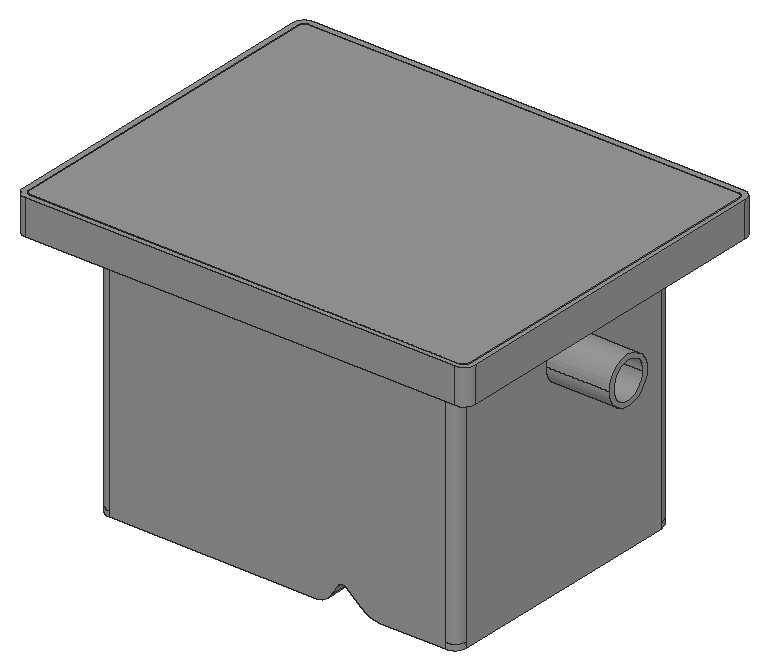
Revit family "Lil_FUR", category Plumbing Fixtures, Revit 2019
Family settings
  Round Connector Dimension = Use Diameter
  Part Type = Normal
  Work Plane-Based = No
  Always vertical = Yes
  Cut with Voids When Loaded = No
  Shared = No
  Room Calculation Point = No
Parameters (values of type "Lil-7-L")
  top 2 = 2"
  URL = "www.mifab.com"
  TOP1 = 1 1/2"
  TOP THK = 1 1/2"
  Pressure Drop = 0.00 psi
  Model = "MI-G-1-PL-PSB-FSCR"
  Mechanical Flow = 7 GPM
  Material = Polyethylene, High Density
  Manufacturer = "MIFAB"
  FULL DIM = 6"
  F2 = F / 2 - 51/256"  # 205/256"
  F/2 = F / 2  # 1"
  F = 2"
  E = 12 1/2"
  Description = "7GPM Lil Max Lint Interceptor"
  D = 9"
  C = 3 1/2"
  BOTTOM 1 = 9"
  B = 15 1/2"
  A+1 = (A + 1") / 1.95  # 10.51282"
  A = 19 1/2"
Types (8): name | top 2 | Model | Mechanical Flow | F2 | F/2 | F | E | Description | D | C | B | A+1 | A
  (no name) | 2" | "MI-G-1-PL-PSB-FSCR" | 7 GPM | 205/256" | 1" | 2" | 12 1/2" | "7GPM Lil Max Lint Interceptor" | 9" | 3 1/2" | 15 1/2" | 10.51282" | 19 1/2"
  Lil-7-L | 2" | "MI-G-1-PL-PSB-FSCR" | 7 GPM | 205/256" | 1" | 2" | 12 1/2" | "7GPM Lil Max Lint Interceptor" | 9" | 3 1/2" | 15 1/2" | 10.51282" | 19 1/2"
  Lil-10-L | 3.09455" | "MI-G-2-PL-PSB-FSCR" | 10 GPM | 205/256" | 1" | 2" | 13 1/4" | "10GPM Lil Max Lint Interceptor" | 9 3/4" | 3 1/2" | 17 1/2" | 12.30769" | 23"
  Lil-15-L | 3.09455" | "MI-G-3-PL-PSB-FSCR" | 15 GPM | 205/256" | 1" | 2" | 16 3/4" | "15GPM Lil Max Lint Interceptor" | 13 1/4" | 3 1/2" | 17 1/2" | 12.30769" | 23"
  Lil-20-L | 3.09455" | "MI-G-4-PL-PSB-FSCR" | 20 GPM | 1 77/256" | 1 1/2" | 3" | 14 1/4" | "20GPM Lil Max Lint Interceptor" | 10 3/4" | 3 1/2" | 20 1/2" | 15.64103" | 29 1/2"
  Lil-25-L | 3.09455" | "MI-G-5-PL-PSB-FSCR" | 25 GPM | 1 77/256" | 1 1/2" | 3" | 18 1/4" | "25GPM Lil Max Lint Interceptor" | 14 3/4" | 3 1/2" | 20 1/2" | 15.64103" | 29 1/2"
  Lil-35-L | 3.09455" | "MI-G-6-PL-PSB-FSCR" | 35 GPM | 1 77/256" | 1 1/2" | 3" | 22 1/4" | "35GPM Lil Max Lint Interceptor" | 16 3/4" | 5 1/2" | 25 1/2" | 17.4359" | 33"
  Lil-50-L | 3.09455" | "MI-G-7-PL-PSB-FSCR" | 50 GPM | 1 77/256" | 1 1/2" | 3" | 24 1/4" | "50GPM Lil Max Lint Interceptor" | 18 3/4" | 5 1/2" | 25 1/2" | 17.4359" | 33"
Reference planes (in)
  plane 1 "Center (Front/Back)": y = 0
  plane 2: z = 0
  plane 3 "Center (Left/Right)": x = 0
  plane 4: z = -3.5
  plane 5: z = -12.5
Forms (in)
  Extrusion 1, solid, material "Polyethylene, High Density" <- "Material"
    sketch origin (-0.57139, 0, 0) x (1, 0, 0) y (0, 1, 0)
      loop
        arc (-8.67861, 7.75) -> (-9.03216, 7.60355) -> (-9.17861, 7.25) r 0.5
        line (-9.17861, 7.25) -> (-9.17861, -7.25)
        arc (-9.17861, -7.25) -> (-9.03216, -7.60355) -> (-8.67861, -7.75) r 0.5
        line (-8.67861, -7.75) -> (9.82139, -7.75)
        arc (9.82139, -7.75) -> (10.17494, -7.60355) -> (10.32139, -7.25) r 0.5
        line (10.32139, -7.25) -> (10.32139, 7.25)
        arc (10.32139, 7.25) -> (10.17494, 7.60355) -> (9.82139, 7.75) r 0.5
        line (9.82139, 7.75) -> (-8.67861, 7.75)
      loop
        arc (-8.92861, -7.25) -> (-8.85539, -7.42678) -> (-8.67861, -7.5) r 0.25
        line (-8.67861, -7.5) -> (9.82139, -7.5)
        arc (9.82139, -7.5) -> (9.99817, -7.42678) -> (10.07139, -7.25) r 0.25
        line (10.07139, -7.25) -> (10.07139, 7.25)
        arc (10.07139, 7.25) -> (9.99817, 7.42678) -> (9.82139, 7.5) r 0.25
        line (9.82139, 7.5) -> (-8.67861, 7.5)
        arc (-8.67861, 7.5) -> (-8.85539, 7.42678) -> (-8.92861, 7.25) r 0.25
        line (-8.92861, 7.25) -> (-8.92861, -7.25)
    from -1.5 to 0
  Extrusion 2, solid, material "Polyethylene, High Density" <- "Material"
    sketch origin (0, 0, 0) x (1, 0, 0) y (0, 1, 0)
      loop
        arc (-7.25, 5.75) -> (-7.60355, 5.60355) -> (-7.75, 5.25) r 0.5
        line (-7.75, 5.25) -> (-7.75, -5.25)
        arc (-7.75, -5.25) -> (-7.60355, -5.60355) -> (-7.25, -5.75) r 0.5
        line (-7.25, -5.75) -> (7.25, -5.75)
        arc (7.25, -5.75) -> (7.60355, -5.60355) -> (7.75, -5.25) r 0.5
        line (7.75, -5.25) -> (7.75, 5.25)
        arc (7.75, 5.25) -> (7.60355, 5.60355) -> (7.25, 5.75) r 0.5
        line (7.25, 5.75) -> (-7.25, 5.75)
      loop
        arc (-7.5, -5.25) -> (-7.42678, -5.42678) -> (-7.25, -5.5) r 0.25
        line (-7.25, -5.5) -> (7.25, -5.5)
        arc (7.25, -5.5) -> (7.42678, -5.42678) -> (7.5, -5.25) r 0.25
        line (7.5, -5.25) -> (7.5, 5.25)
        arc (7.5, 5.25) -> (7.42678, 5.42678) -> (7.25, 5.5) r 0.25
        line (7.25, 5.5) -> (-7.25, 5.5)
        arc (-7.25, 5.5) -> (-7.42678, 5.42678) -> (-7.5, 5.25) r 0.25
        line (-7.5, 5.25) -> (-7.5, -5.25)
    from -12.5 to -1.5
  Extrusion 3, solid, material "Polyethylene, High Density" <- "Material"
    sketch origin (0, 0, 0) x (0, 1, 0) y (0, 0, 1)
      loop
        circle (0, -3.5) r 1
    from 7.5 to 10.51282
  Extrusion 4, void
    sketch origin (0, 0, 0) x (0, 1, 0) y (0, 0, 1)
      loop
        circle (0, -3.5) r 0.80078
    from -10.51282 to 10.51282
  Extrusion 5, solid, material "Polyethylene, High Density" <- "Material"
    sketch origin (0, 0, 0) x (0, 1, 0) y (0, 0, -1)
      loop
        circle (0, 3.5) r 1
    from 7.5 to 10.51282
  Extrusion 6, solid, material "Polyethylene, High Density" <- "Material"
    sketch origin (0, 0, 0) x (1, 0, 0) y (0, 1, 0)
      loop
        line (-9.5, 7.25) -> (-9.5, -7.25)
        arc (-9.5, -7.25) -> (-9.42678, -7.42678) -> (-9.25, -7.5) r 0.25
        line (-9.25, -7.5) -> (9.25, -7.5)
        arc (9.25, -7.5) -> (9.42678, -7.42678) -> (9.5, -7.25) r 0.25
        line (9.5, -7.25) -> (9.5, 7.25)
        arc (9.5, 7.25) -> (9.42678, 7.42678) -> (9.25, 7.5) r 0.25
        line (9.25, 7.5) -> (-9.25, 7.5)
        arc (-9.25, 7.5) -> (-9.42678, 7.42678) -> (-9.5, 7.25) r 0.25
      loop
        line (-7.5, 5.25) -> (-7.5, -5.25)
        arc (-7.5, -5.25) -> (-7.42678, -5.42678) -> (-7.25, -5.5) r 0.25
        line (-7.25, -5.5) -> (7.25, -5.5)
        arc (7.25, -5.5) -> (7.42678, -5.42678) -> (7.5, -5.25) r 0.25
        line (7.5, -5.25) -> (7.5, 5.25)
        arc (7.5, 5.25) -> (7.42678, 5.42678) -> (7.25, 5.5) r 0.25
        line (7.25, 5.5) -> (-7.25, 5.5)
        arc (-7.25, 5.5) -> (-7.42678, 5.42678) -> (-7.5, 5.25) r 0.25
    from -1.5 to -1.27407
  Extrusion 7, solid, material "Polyethylene, High Density" <- "Material"
    sketch origin (0, 0, 0) x (1, 0, 0) y (0, 0, 1)
      loop
        line (-7.75, -12.5) -> (1.68146, -12.5)
        arc (1.68146, -12.5) -> (2.08444, -12.38254) -> (2.3612, -12.06696) r 0.75
        line (2.3612, -12.06696) -> (2.63018, -11.66446)
        arc (2.63018, -11.66446) -> (2.78411, -11.56852) -> (2.95785, -11.6206) r 0.22028
        line (2.95785, -11.6206) -> (3.61676, -12.19339)
        arc (3.61676, -12.19339) -> (3.99907, -12.42084) -> (4.43683, -12.5) r 1.25
        line (4.43683, -12.5) -> (7.75, -12.5) -> (7.75, -12.25) -> (4.43683, -12.25)
        arc (4.43683, -12.25) -> (4.08662, -12.18667) -> (3.78077, -12.00471) r 1
        line (3.78077, -12.00471) -> (3.10631, -11.41841)
        arc (3.10631, -11.41841) -> (2.74971, -11.3115) -> (2.43377, -11.50842) r 0.45213
        line (2.43377, -11.50842) -> (2.14162, -11.94558)
        arc (2.14162, -11.94558) -> (1.95733, -12.16701) -> (1.68146, -12.25) r 0.5
        line (1.68146, -12.25) -> (-7.75, -12.25) -> (-7.75, -12.5)
    from -5.75 to 5.75
  Extrusion 8, void
    sketch origin (0, 0, 0) x (1, 0, 0) y (0, 0, 1)
      loop
        line (1.68146, -12.5) -> (4.43683, -12.5)
        arc (4.43683, -12.5) -> (3.99907, -12.42084) -> (3.61676, -12.19339) r 1.25
        line (3.61676, -12.19339) -> (2.95785, -11.6206)
        arc (2.95785, -11.6206) -> (2.78411, -11.56852) -> (2.63018, -11.66446) r 0.22028
        line (2.63018, -11.66446) -> (2.3612, -12.06696)
        arc (2.3612, -12.06696) -> (2.08444, -12.38254) -> (1.68146, -12.5) r 0.75
    from -13.05949 to 13.44892
  Extrusion 9, void
    sketch origin (0, 0, 0) x (1, 0, 0) y (0, 1, 0)
      loop
        arc (-7.25, 5.75) -> (-7.60355, 5.60355) -> (-7.75, 5.25) r 0.5
        line (-7.75, 5.25) -> (-7.75, -5.25)
        arc (-7.75, -5.25) -> (-7.60355, -5.60355) -> (-7.25, -5.75) r 0.5
        line (-7.25, -5.75) -> (7.25, -5.75)
        arc (7.25, -5.75) -> (7.60355, -5.60355) -> (7.75, -5.25) r 0.5
        line (7.75, -5.25) -> (7.75, 5.25)
        arc (7.75, 5.25) -> (7.60355, 5.60355) -> (7.25, 5.75) r 0.5
        line (7.25, 5.75) -> (-7.25, 5.75)
      loop
        arc (-7.25, 6) -> (-7.78033, 5.78033) -> (-8, 5.25) r 0.75
        line (-8, 5.25) -> (-8, -5.25)
        arc (-8, -5.25) -> (-7.78033, -5.78033) -> (-7.25, -6) r 0.75
        line (-7.25, -6) -> (7.25, -6)
        arc (7.25, -6) -> (7.78033, -5.78033) -> (8, -5.25) r 0.75
        line (8, -5.25) -> (8, 5.25)
        arc (8, 5.25) -> (7.78033, 5.78033) -> (7.25, 6) r 0.75
        line (7.25, 6) -> (-7.25, 6)
    from -12.5 to -8.24153
  Extrusion 10, solid, material "Polytetrafluoroethylene"
    sketch origin (0, 0, 0) x (1, 0, 0) y (0, 1, 0)
      loop
        arc (-9.5, -7.25) -> (-9.42678, -7.42678) -> (-9.25, -7.5) r 0.25
        line (-9.25, -7.5) -> (9.25, -7.5)
        arc (9.25, -7.5) -> (9.42678, -7.42678) -> (9.5, -7.25) r 0.25
        line (9.5, -7.25) -> (9.5, 7.25)
        arc (9.5, 7.25) -> (9.42678, 7.42678) -> (9.25, 7.5) r 0.25
        line (9.25, 7.5) -> (-9.25, 7.5)
        arc (-9.25, 7.5) -> (-9.42678, 7.42678) -> (-9.5, 7.25) r 0.25
        line (-9.5, 7.25) -> (-9.5, -7.25)
    from -1.27407 to 0
Cuts and joins
  Extrusion 4 cuts Extrusion 1
  Extrusion 4, Extrusion 8 cuts Extrusion 2
  Extrusion 4 cuts Extrusion 3
  Extrusion 4 cuts Extrusion 5
  Extrusion 4 cuts Extrusion 6
  Extrusion 4, Extrusion 8, Extrusion 9 cuts Extrusion 7
  joined: Extrusion 1, Extrusion 2, Extrusion 3, Extrusion 5, Extrusion 6, Extrusion 7
Dimensions and locks (in)
  "D": plane 5 to plane 4
  "C": level to plane 4
  equal spacing: Extrusion 1 sketch curve, plane 1 "Center (Front/Back)", Extrusion 1 sketch curve
  plane 1 "Center (Front/Back)" to Extrusion 1 sketch curve = 7 3/4"
  equal spacing: Extrusion 1, plane 3 "Center (Left/Right)", Extrusion 1
  "A+1": Extrusion 3 to plane 3 "Center (Left/Right)"
  "A": Extrusion 1 sketch curve to Extrusion 1 sketch curve
  equal spacing: Extrusion 1 sketch curve, plane 3 "Center (Left/Right)", Extrusion 1 sketch curve
  "A+1": cut or joined group 1 (Extrusion 1, Extrusion 2, Extrusion 3, Extrusion 4, Extrusion 5, Extrusion 6, Extrusion 7, Extrusion 8, Extrusion 9) to plane 3 "Center (Left/Right)"
  locked: Extrusion 6 to Extrusion 1 at 0.22593
  equal spacing: Extrusion 2 sketch curve, plane 3 "Center (Left/Right)", Extrusion 2 sketch curve
  equal spacing: Extrusion 2 sketch curve, plane 1 "Center (Front/Back)", Extrusion 2 sketch curve
  cut or joined group 1 to cut or joined group 1 = 1/4"
  locked: cut or joined group 1 to cut or joined group 1 at 0.25  (x3)
  cut or joined group 1 to cut or joined group 1 = 2"
  locked: cut or joined group 1 to cut or joined group 1 at 2
  locked: Extrusion 6 sketch curve to cut or joined group 1 at 2  (x2)
  "B": cut or joined group 1 to cut or joined group 1
  locked: cut or joined group 1 to cut or joined group 1 at 2.25  (x2)
  "F/2": radius of Extrusion 3 sketch curve
  "F2": radius of Extrusion 4 sketch curve
  "F/2": radius of Extrusion 5 sketch curve
  aligned and locked: plane 2 to level
  aligned and locked: level to Extrusion 1
  aligned and locked: Extrusion 2 to plane 5
  aligned and locked: Extrusion 2 to Extrusion 1
  aligned and locked: plane 1 "Center (Front/Back)" to Extrusion 3 sketch curve
  aligned and locked: plane 4 to Extrusion 3 sketch curve
  aligned and locked: plane 1 "Center (Front/Back)" to Extrusion 4 sketch curve
  aligned and locked: plane 4 to Extrusion 4 sketch curve
  aligned and locked: Extrusion 6 sketch curve to Extrusion 1  (x4)
  aligned and locked: Extrusion 1 to Extrusion 6
  aligned and locked: Extrusion 7 sketch curve to cut or joined group 1
  aligned and locked: Extrusion 8 sketch curve to cut or joined group 1  (x3)
  aligned and locked: cut or joined group 1 to Extrusion 8 sketch curve
  aligned and locked: cut or joined group 1 to Extrusion 6 sketch curve  (x2)
  aligned and locked: Extrusion 7 to Extrusion 2  (x2)
  aligned and locked: Extrusion 2 to Extrusion 7
  aligned and locked: Extrusion 2 to Extrusion 3
  aligned and locked: Extrusion 2 to Extrusion 5
  aligned and locked: Extrusion 9 sketch curve to cut or joined group 1  (x4)
  aligned and locked: Extrusion 9 to plane 5
  aligned and locked: Extrusion 10 sketch curve to cut or joined group 1  (x4)
  aligned and locked: Extrusion 10 to cut or joined group 1
  aligned and locked: level to Extrusion 10
  aligned and locked: Extrusion 3 to Extrusion 4
  aligned and locked: Extrusion 5 to Extrusion 4
  aligned and locked: plane 4 to Extrusion 5 sketch curve
  aligned and locked: plane 1 "Center (Front/Back)" to Extrusion 5 sketch curve
Automatic sketch dimensions
  Extrusion 6 sketch curve to Extrusion 6 sketch curve = 1/4"  (x6)
  Extrusion 8 sketch curve to Extrusion 8 sketch curve = 0.67973"
  plane 5 to Extrusion 8 sketch curve = 0.30661"
  Extrusion 8 sketch curve to Extrusion 8 sketch curve = 0.26899"
  Extrusion 8 sketch curve to Extrusion 8 sketch curve = 0.12239"
  Extrusion 8 sketch curve to Extrusion 8 sketch curve = 37/256"
  Extrusion 2 sketch curve to plane 3 "Center (Left/Right)" = 7 3/4"
  Extrusion 2 sketch curve to Extrusion 2 sketch curve = 1/2"  (x4)
  Extrusion 2 sketch curve to Extrusion 2 sketch curve = 0"  (x11)
  Extrusion 2 sketch curve to Extrusion 2 sketch curve = 1/4"
  plane 1 "Center (Front/Back)" to Extrusion 2 sketch curve = 5 3/4"
  Extrusion 6 sketch curve to Extrusion 6 sketch curve = 2"
  Extrusion 7 sketch curve to Extrusion 7 sketch curve = 0"  (x4)
  Extrusion 7 sketch curve to plane 5 = 0"
  Extrusion 7 sketch curve to plane 3 "Center (Left/Right)" = 7 3/4"
  plane 5 to Extrusion 7 sketch curve = 1/4"
  plane 3 "Center (Left/Right)" to Extrusion 7 sketch curve = 1.68146"
  plane 5 to Extrusion 7 sketch curve = 0.55442"
  Extrusion 7 sketch curve to Extrusion 7 sketch curve = 0.46016"
  plane 5 to Extrusion 7 sketch curve = 0.43304"
  Extrusion 7 sketch curve to Extrusion 7 sketch curve = 0.29215"
  plane 5 to Extrusion 7 sketch curve = 0.83554"
  Extrusion 7 sketch curve to Extrusion 7 sketch curve = 0.19641"
  Extrusion 7 sketch curve to Extrusion 7 sketch curve = 0.1795"
  Extrusion 7 sketch curve to Extrusion 7 sketch curve = 0.00364"
  plane 5 to Extrusion 7 sketch curve = 0.8794"
  Extrusion 7 sketch curve to Extrusion 7 sketch curve = 0.14816"
  plane 5 to Extrusion 7 sketch curve = 1.08159"
  Extrusion 7 sketch curve to Extrusion 7 sketch curve = 0.14846"
  plane 5 to Extrusion 7 sketch curve = 0.30661"
  Extrusion 7 sketch curve to Extrusion 7 sketch curve = 0.65891"
  plane 5 to Extrusion 7 sketch curve = 0.49529"
  Extrusion 7 sketch curve to Extrusion 7 sketch curve = 0.16401"
  Extrusion 7 sketch curve to Extrusion 7 sketch curve = 0.65606"
  Extrusion 7 sketch curve to Extrusion 7 sketch curve = 3.31317"
  Extrusion 7 sketch curve to Extrusion 7 sketch curve = 0.02722"
  Extrusion 9 sketch curve to Extrusion 9 sketch curve = 0"  (x7)
  Extrusion 9 sketch curve to Extrusion 9 sketch curve = 1/4"
  Extrusion 1 sketch curve to Extrusion 1 sketch curve = 0"  (x7)
  Extrusion 1 sketch curve to Extrusion 1 sketch curve = 1/4"  (x5)
  Extrusion 3 sketch curve to plane 4 = 0"
Connectors (in)
  piping at (10.51282, 0, -3.5), diameter 2, driven by "F", driven by "Mechanical Flow"
    settings: on cut or joined group 1, index 1, connector inside diameter 24", connector length 0", flow factor 0, pipe flow 7 GPM, pressure drop 0.00 psi, fitting loss kfactor 0, connector angle 0.00°, fixture units 0, engagement length 0", angle of deflection 0.00°, flow configuration 0, flow direction 0, fitting loss method 0, system type 7, joint type 0, gender type 0, connector reference index -1, connector utility 0, adjustable connector no, is connector primary yes, connector description ""
  piping at (-10.51282, 0, -3.5), diameter 2, driven by "F", driven by "Mechanical Flow"
    settings: on cut or joined group 1, index 2, connector inside diameter 24", connector length 0", flow factor 0, pipe flow 7 GPM, pressure drop 0.00 psi, fitting loss kfactor 0, connector angle 0.00°, fixture units 0, engagement length 0", angle of deflection 0.00°, flow configuration 0, flow direction 0, fitting loss method 0, system type 7, joint type 0, gender type 0, connector reference index -1, connector utility 0, adjustable connector no, is connector primary no, connector description ""
